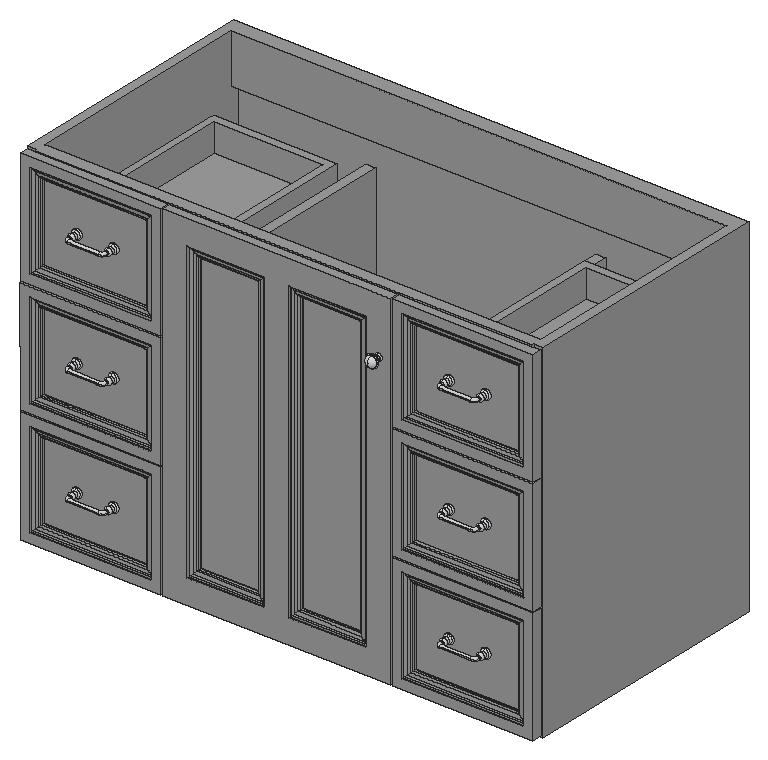
Revit family "Furniture-Vanity-KOHLER-Damask-K-99563", category Casework, host Face, Revit 2020 (continued)
Definition of nested family "K-99563"
  Lines and regions (in)
    Masking region 4, visible <- "LG"
      outline origin (0, 0, 0) x (1, 0, 0) y (0, 1, 0)
        loop
          line (-21.375, 10.6875) -> (-21.375, 7.1875) -> (-21.25, 7.1875) -> (-21.25, -7.1875) -> (-21.375, -7.1875) -> (-21.375, -10.6875) -> (-17.875, -10.6875) -> (-17.875, -10.5625) -> (17.875, -10.5625) -> (17.875, -10.6875) -> (21.375, -10.6875) -> (21.375, -7.1875) -> (21.25, -7.1875) -> (21.25, 7.1875) -> (21.375, 7.1875) -> (21.375, 10.6875) -> (21, 10.6875) -> (21, -9.4375) -> (20.25, -9.4375) -> (20.25, -9.5625) -> (20.9375, -9.5625) -> (20.9375, -10.3125) -> (9.4375, -10.3125) -> (9.4375, -9.5625) -> (9.31249, -9.5625) -> (9.31249, -10.3125) -> (-9.3125, -10.3125) -> (-9.3125, -9.5625) -> (-9.4375, -9.5625) -> (-9.4375, -10.3125) -> (-20.9375, -10.3125) -> (-20.9375, -9.5625) -> (-20.25, -9.5625) -> (-20.25, -9.4375) -> (-21, -9.4375) -> (-21, 10.6875) -> (-21.375, 10.6875)
    Masking region 5, visible <- "LG"
      outline origin (0, 0, 0) x (1, 0, 0) y (0, 0, 1)
        loop
          arc (-21.375, 3.79115) -> (-21.06731, 3.63512) -> (-20.75, 3.49971) r 5.22788
          line (-20.75, 3.49971) -> (-20.75, 3.31268)
          arc (-20.75, 3.31268) -> (-21.00974, 3.25092) -> (-21.21833, 3.08426) r 0.61083
          arc (-21.21833, 3.08426) -> (-21.34054, 2.8579) -> (-21.37448, 2.6029) r 0.71319
          arc (-21.37448, 2.6029) -> (-21.30001, 2.21334) -> (-21.12088, 1.85949) r 1.42239
          arc (-21.12088, 1.85949) -> (-20.86485, 1.36099) -> (-20.74999, 0.81249) r 2.09689
          arc (-20.74999, 0.81249) -> (-20.79204, 0.80714) -> (-20.83142, 0.79144) r 0.16796
          arc (-20.83142, 0.79144) -> (-20.89823, 0.73976) -> (-20.94648, 0.67043) r 0.27851
          arc (-20.94648, 0.67043) -> (-21.00051, 0.4375) -> (-20.94648, 0.20456) r 0.52919
          arc (-20.94648, 0.20456) -> (-20.89823, 0.13523) -> (-20.83142, 0.08355) r 0.27851
          arc (-20.83142, 0.08355) -> (-20.79204, 0.06785) -> (-20.74999, 0.0625) r 0.16796
          line (-20.74999, 0.0625) -> (-19.89193, 0.0625)
          arc (-19.89193, 0.0625) -> (-19.87443, 0.01838) -> (-19.83068, 0) r 0.06127
          line (-19.83068, 0) -> (-19.62493, 0) -> (-19.41918, 0)
          arc (-19.41918, 0) -> (-19.37543, 0.01838) -> (-19.35792, 0.0625) r 0.06127
          line (-19.35792, 0.0625) -> (-18.49986, 0.0625)
          arc (-18.49986, 0.0625) -> (-18.45781, 0.06785) -> (-18.41844, 0.08355) r 0.16796
          arc (-18.41844, 0.08355) -> (-18.35163, 0.13523) -> (-18.30338, 0.20456) r 0.27851
          arc (-18.30338, 0.20456) -> (-18.24935, 0.4375) -> (-18.30338, 0.67043) r 0.52919
          arc (-18.30338, 0.67043) -> (-18.35163, 0.73976) -> (-18.41844, 0.79144) r 0.27851
          arc (-18.41844, 0.79144) -> (-18.45781, 0.80714) -> (-18.49986, 0.81249) r 0.16796
          arc (-18.49986, 0.81249) -> (-18.38501, 1.36099) -> (-18.12898, 1.85949) r 2.09689
          arc (-18.12898, 1.85949) -> (-17.94984, 2.21334) -> (-17.87538, 2.6029) r 1.42239
          arc (-17.87538, 2.6029) -> (-17.90932, 2.8579) -> (-18.03153, 3.08426) r 0.71319
          arc (-18.03153, 3.08426) -> (-18.24011, 3.25092) -> (-18.49986, 3.31268) r 0.61083
          line (-18.49986, 3.31268) -> (-18.49986, 3.49971)
          arc (-18.49986, 3.49971) -> (-18.18262, 3.63508) -> (-17.875, 3.79108) r 5.22788
          line (-17.875, 3.79108) -> (-17.875, 5.3125) -> (17.875, 5.3125) -> (17.875, 3.79115)
          arc (17.875, 3.79115) -> (18.18269, 3.63512) -> (18.5, 3.49971) r 5.22788
          line (18.5, 3.49971) -> (18.5, 3.31268)
          arc (18.5, 3.31268) -> (18.24026, 3.25092) -> (18.03167, 3.08426) r 0.61083
          arc (18.03167, 3.08426) -> (17.90946, 2.8579) -> (17.87552, 2.6029) r 0.71319
          arc (17.87552, 2.6029) -> (17.94999, 2.21334) -> (18.12912, 1.85949) r 1.42239
          arc (18.12912, 1.85949) -> (18.38515, 1.36099) -> (18.50001, 0.81249) r 2.09689
          arc (18.50001, 0.81249) -> (18.45796, 0.80714) -> (18.41858, 0.79144) r 0.16796
          arc (18.41858, 0.79144) -> (18.35177, 0.73976) -> (18.30352, 0.67043) r 0.27851
          arc (18.30352, 0.67043) -> (18.24949, 0.4375) -> (18.30352, 0.20456) r 0.52919
          arc (18.30352, 0.20456) -> (18.35177, 0.13523) -> (18.41858, 0.08355) r 0.27851
          arc (18.41858, 0.08355) -> (18.45796, 0.06785) -> (18.50001, 0.0625) r 0.16796
          line (18.50001, 0.0625) -> (19.35807, 0.0625)
          arc (19.35807, 0.0625) -> (19.37557, 0.01838) -> (19.41932, 0) r 0.06127
          line (19.41932, 0) -> (19.62507, 0) -> (19.83082, 0)
          arc (19.83082, 0) -> (19.87457, 0.01838) -> (19.89208, 0.0625) r 0.06127
          line (19.89208, 0.0625) -> (20.75014, 0.0625)
          arc (20.75014, 0.0625) -> (20.79219, 0.06785) -> (20.83156, 0.08355) r 0.16796
          arc (20.83156, 0.08355) -> (20.89837, 0.13523) -> (20.94662, 0.20456) r 0.27851
          arc (20.94662, 0.20456) -> (21.00065, 0.4375) -> (20.94662, 0.67043) r 0.52919
          arc (20.94662, 0.67043) -> (20.89837, 0.73976) -> (20.83156, 0.79144) r 0.27851
          arc (20.83156, 0.79144) -> (20.79219, 0.80714) -> (20.75014, 0.81249) r 0.16796
          arc (20.75014, 0.81249) -> (20.86499, 1.36099) -> (21.12102, 1.85949) r 2.09689
          arc (21.12102, 1.85949) -> (21.30016, 2.21334) -> (21.37462, 2.6029) r 1.42239
          arc (21.37462, 2.6029) -> (21.34068, 2.8579) -> (21.21847, 3.08426) r 0.71319
          arc (21.21847, 3.08426) -> (21.00989, 3.25092) -> (20.75014, 3.31268) r 0.61083
          line (20.75014, 3.31268) -> (20.75014, 3.49971)
          arc (20.75014, 3.49971) -> (21.06738, 3.63508) -> (21.375, 3.79108) r 5.22788
          line (21.375, 3.79108) -> (21.375, 6.0625) -> (-21.375, 6.0625) -> (-21.375, 3.79115)
    Masking region 6, visible <- "LG"
      outline origin (0, 0, 0) x (0, 1, 0) y (0, 0, 1)
        loop
          arc (10.05916, 3.49981) -> (10.3782, 3.63602) -> (10.6875, 3.79309) r 5.22788
          line (10.6875, 3.79309) -> (10.6875, 6.0625) -> (-10.6875, 6.0625) -> (-10.6875, 3.79111)
          arc (-10.6875, 3.79111) -> (-10.37994, 3.63515) -> (-10.06276, 3.49981) r 5.22788
          line (-10.06276, 3.49981) -> (-10.06276, 3.31278)
          arc (-10.06276, 3.31278) -> (-10.32251, 3.25101) -> (-10.5311, 3.08436) r 0.61083
          arc (-10.5311, 3.08436) -> (-10.6533, 2.85799) -> (-10.68724, 2.603) r 0.71319
          arc (-10.68724, 2.603) -> (-10.61278, 2.21344) -> (-10.43364, 1.85958) r 1.42239
          arc (-10.43364, 1.85958) -> (-10.17761, 1.36109) -> (-10.06276, 0.81259) r 2.09689
          arc (-10.06276, 0.81259) -> (-10.10481, 0.80724) -> (-10.14418, 0.79153) r 0.16796
          arc (-10.14418, 0.79153) -> (-10.21099, 0.73986) -> (-10.25924, 0.67053) r 0.27851
          arc (-10.25924, 0.67053) -> (-10.31327, 0.43759) -> (-10.25924, 0.20465) r 0.52919
          arc (-10.25924, 0.20465) -> (-10.21099, 0.13533) -> (-10.14418, 0.08365) r 0.27851
          arc (-10.14418, 0.08365) -> (-10.10481, 0.06795) -> (-10.06276, 0.0626) r 0.16796
          line (-10.06276, 0.0626) -> (-9.2047, 0.0626)
          arc (-9.2047, 0.0626) -> (-9.1872, 0.01848) -> (-9.14344, 0.0001) r 0.06127
          line (-9.14344, 0.0001) -> (-8.93769, 0.0001) -> (-8.73195, 0.0001)
          arc (-8.73195, 0.0001) -> (-8.68819, 0.01848) -> (-8.67069, 0.0626) r 0.06127
          line (-8.67069, 0.0626) -> (-7.81263, 0.0626)
          arc (-7.81263, 0.0626) -> (-7.77058, 0.06795) -> (-7.73121, 0.08365) r 0.16796
          arc (-7.73121, 0.08365) -> (-7.66439, 0.13533) -> (-7.61614, 0.20465) r 0.27851
          arc (-7.61614, 0.20465) -> (-7.56211, 0.43759) -> (-7.61614, 0.67053) r 0.52919
          arc (-7.61614, 0.67053) -> (-7.66439, 0.73986) -> (-7.73121, 0.79153) r 0.27851
          arc (-7.73121, 0.79153) -> (-7.77058, 0.80724) -> (-7.81263, 0.81259) r 0.16796
          arc (-7.81263, 0.81259) -> (-7.69777, 1.36109) -> (-7.44174, 1.85958) r 2.09689
          arc (-7.44174, 1.85958) -> (-7.26261, 2.21344) -> (-7.18814, 2.603) r 1.42239
          arc (-7.18814, 2.603) -> (-7.22208, 2.85799) -> (-7.34429, 3.08436) r 0.71319
          arc (-7.34429, 3.08436) -> (-7.55288, 3.25101) -> (-7.81262, 3.31278) r 0.61083
          line (-7.81262, 3.31278) -> (-7.81262, 3.49981)
          arc (-7.81262, 3.49981) -> (-7.49358, 3.63602) -> (-7.18428, 3.79309) r 5.22788
          line (-7.18428, 3.79309) -> (-7.18428, 5.3125) -> (7.18068, 5.3125) -> (7.18068, 3.79309)
          arc (7.18068, 3.79309) -> (7.48998, 3.63602) -> (7.80902, 3.49981) r 5.22788
          line (7.80902, 3.49981) -> (7.80902, 3.31278)
          arc (7.80902, 3.31278) -> (7.54927, 3.25101) -> (7.34068, 3.08436) r 0.61083
          arc (7.34068, 3.08436) -> (7.21848, 2.85799) -> (7.18454, 2.603) r 0.71319
          arc (7.18454, 2.603) -> (7.259, 2.21344) -> (7.43814, 1.85958) r 1.42239
          arc (7.43814, 1.85958) -> (7.69417, 1.36109) -> (7.80902, 0.81259) r 2.09689
          arc (7.80902, 0.81259) -> (7.76697, 0.80724) -> (7.7276, 0.79153) r 0.16796
          arc (7.7276, 0.79153) -> (7.66079, 0.73986) -> (7.61253, 0.67053) r 0.27851
          arc (7.61253, 0.67053) -> (7.55851, 0.43759) -> (7.61253, 0.20465) r 0.52919
          arc (7.61253, 0.20465) -> (7.66079, 0.13533) -> (7.7276, 0.08365) r 0.27851
          arc (7.7276, 0.08365) -> (7.76697, 0.06795) -> (7.80902, 0.0626) r 0.16796
          line (7.80902, 0.0626) -> (8.66708, 0.0626)
          arc (8.66708, 0.0626) -> (8.68458, 0.01848) -> (8.72834, 0.0001) r 0.06127
          line (8.72834, 0.0001) -> (8.93409, 0.0001) -> (9.13983, 0.0001)
          arc (9.13983, 0.0001) -> (9.18359, 0.01848) -> (9.20109, 0.0626) r 0.06127
          line (9.20109, 0.0626) -> (10.05915, 0.0626)
          arc (10.05915, 0.0626) -> (10.1012, 0.06795) -> (10.14057, 0.08365) r 0.16796
          arc (10.14057, 0.08365) -> (10.20739, 0.13533) -> (10.25564, 0.20465) r 0.27851
          arc (10.25564, 0.20465) -> (10.30967, 0.43759) -> (10.25564, 0.67053) r 0.52919
          arc (10.25564, 0.67053) -> (10.20739, 0.73986) -> (10.14057, 0.79153) r 0.27851
          arc (10.14057, 0.79153) -> (10.1012, 0.80724) -> (10.05915, 0.81259) r 0.16796
          arc (10.05915, 0.81259) -> (10.17401, 1.36109) -> (10.43004, 1.85958) r 2.09689
          arc (10.43004, 1.85958) -> (10.60917, 2.21344) -> (10.68364, 2.603) r 1.42239
          arc (10.68364, 2.603) -> (10.6497, 2.85799) -> (10.52749, 3.08436) r 0.71319
          arc (10.52749, 3.08436) -> (10.3189, 3.25101) -> (10.05916, 3.31278) r 0.61083
          line (10.05916, 3.31278) -> (10.05916, 3.49981)
    Masking region 7, visible <- "TK"
      outline origin (0, 0, 0) x (1, 0, 0) y (0, 0, 1)
        loop
          line (21, 6.0625) -> (-21, 6.0625) -> (-21, 0) -> (21, 0) -> (21, 6.0625)
    Masking region 8, visible <- "TK"
      outline origin (0, 0, 0) x (0, 1, 0) y (0, 0, 1)
        loop
          line (11.5625, 0) -> (11.5625, 6.0625) -> (-6.9375, 6.0625) -> (-6.9375, 0) -> (11.5625, 0)
    symbolic lines, detail levels medium+fine
      curve 1: line (21, 11.5625, 0) -> (-21, 11.5625, 0)
      curve 2: line (-21, 11.5625, 0) -> (-21, -9.4375, 0)
      curve 3: line (-21, -9.4375, 0) -> (-20.25, -9.4375, 0)
      curve 4: line (-20.25, -9.4375, 0) -> (-20.25, -9.5625, 0)
      curve 5: line (-20.25, -9.5625, 0) -> (-20.9375, -9.5625, 0)
      curve 6: line (-20.9375, -9.5625, 0) -> (-20.9375, -10.3125, 0)
      curve 7: line (-20.9375, -10.3125, 0) -> (-16.90898, -10.3125, 0)
      curve 8: arc (-16.90898, -10.3125, 0) -> (-16.91666, -10.33225, 0) -> (-16.92556, -10.35148, 0) r 0.34313
      curve 9: arc (-16.92556, -10.35148, 0) -> (-16.92461, -10.46433, 0) -> (-16.83263, -10.52972, 0) r 0.12405
      curve 10: arc (-16.83263, -10.52972, 0) -> (-16.81881, -10.53731, 0) -> (-16.81332, -10.55208, 0) r 0.02259
      curve 11: line (-16.81332, -10.55208, 0) -> (-16.81332, -10.71447, 0)
      curve 12: arc (-16.81332, -10.71447, 0) -> (-16.71136, -10.96061, 0) -> (-16.46522, -11.06256, 0) r 0.3481
      curve 13: line (-16.46522, -11.06256, 0) -> (-13.90882, -11.06256, 0)
      curve 14: arc (-13.90882, -11.06256, 0) -> (-13.6645, -10.96136, 0) -> (-13.5633, -10.71704, 0) r 0.34552
      curve 15: line (-13.5633, -10.71704, 0) -> (-13.5633, -10.55208, 0)
      curve 16: arc (-13.5633, -10.55208, 0) -> (-13.55781, -10.53731, 0) -> (-13.54399, -10.52972, 0) r 0.02259
      curve 17: arc (-13.54399, -10.52972, 0) -> (-13.45201, -10.46433, 0) -> (-13.45106, -10.35148, 0) r 0.12405
      curve 18: arc (-13.45106, -10.35148, 0) -> (-13.45995, -10.33225, 0) -> (-13.46764, -10.3125, 0) r 0.34313
      curve 19: line (-13.46764, -10.3125, 0) -> (-9.4375, -10.3125, 0)
      curve 20: line (-9.4375, -10.3125, 0) -> (-9.4375, -9.5625, 0)
      curve 21: line (-9.4375, -9.5625, 0) -> (-9.3125, -9.5625, 0)
      curve 22: line (-9.3125, -9.5625, 0) -> (-9.3125, -10.3125, 0)
      curve 23: line (-9.3125, -10.3125, 0) -> (8.0467, -10.3125, 0)
      curve 24: arc (8.0467, -10.3125, 0) -> (8.06718, -10.38658, 0) -> (8.12477, -10.43748, 0) r 0.135
      curve 25: line (8.12477, -10.43748, 0) -> (8.12477, -10.49996, 0)
      curve 26: arc (8.12477, -10.49996, 0) -> (8.06059, -10.52581, 0) -> (8.03121, -10.58846, 0) r 0.09453
      curve 27: line (8.03121, -10.58846, 0) -> (8.02307, -10.71594, 0)
      curve 28: arc (8.02307, -10.71594, 0) -> (7.98181, -10.82981, 0) -> (7.88579, -10.90362, 0) r 0.21622
      curve 29: arc (8.73889, -10.90362, 0) -> (8.64287, -10.82981, 0) -> (8.6016, -10.71594, 0) r 0.21622
      curve 30: line (8.6016, -10.71594, 0) -> (8.59346, -10.58846, 0)
      curve 31: arc (8.59346, -10.58846, 0) -> (8.56409, -10.52581, 0) -> (8.49991, -10.49996, 0) r 0.09453
      curve 32: line (8.49991, -10.49996, 0) -> (8.49991, -10.43748, 0)
      curve 33: arc (8.49991, -10.43748, 0) -> (8.5575, -10.38658, 0) -> (8.57797, -10.3125, 0) r 0.135
      curve 34: line (8.57797, -10.3125, 0) -> (9.31249, -10.3125, 0)
      curve 35: line (9.31249, -10.3125, 0) -> (9.31249, -9.5625, 0)
      curve 36: line (9.31249, -9.5625, 0) -> (9.4375, -9.5625, 0)
      curve 37: line (9.4375, -9.5625, 0) -> (9.4375, -10.3125, 0)
      curve 38: line (9.4375, -10.3125, 0) -> (13.46627, -10.3125, 0)
      curve 39: arc (13.46627, -10.3125, 0) -> (13.45859, -10.33225, 0) -> (13.44969, -10.35148, 0) r 0.34313
      curve 40: arc (13.44969, -10.35148, 0) -> (13.45064, -10.46433, 0) -> (13.54262, -10.52972, 0) r 0.12405
      curve 41: arc (13.54262, -10.52972, 0) -> (13.55644, -10.53731, 0) -> (13.56193, -10.55208, 0) r 0.02259
      curve 42: line (13.56193, -10.55208, 0) -> (13.56193, -10.71305, 0)
      curve 43: arc (13.56193, -10.71305, 0) -> (13.66415, -10.95981, 0) -> (13.91091, -11.06202, 0) r 0.34897
      curve 44: line (13.91091, -11.06202, 0) -> (16.46097, -11.06202, 0)
      curve 45: arc (16.46097, -11.06202, 0) -> (16.70915, -10.95922, 0) -> (16.81195, -10.71104, 0) r 0.35098
      curve 46: line (16.81195, -10.71104, 0) -> (16.81195, -10.55208, 0)
      curve 47: arc (16.81195, -10.55208, 0) -> (16.81744, -10.53731, 0) -> (16.83126, -10.52972, 0) r 0.02259
      curve 48: arc (16.83126, -10.52972, 0) -> (16.92324, -10.46433, 0) -> (16.92419, -10.35148, 0) r 0.12405
      curve 49: arc (16.92419, -10.35148, 0) -> (16.9153, -10.33225, 0) -> (16.90761, -10.3125, 0) r 0.34313
      curve 50: line (16.90761, -10.3125, 0) -> (20.9375, -10.3125, 0)
      curve 51: line (20.9375, -10.3125, 0) -> (20.9375, -9.5625, 0)
      curve 52: line (20.9375, -9.5625, 0) -> (20.25, -9.5625, 0)
      curve 53: line (20.25, -9.5625, 0) -> (20.25, -9.4375, 0)
      curve 54: line (20.25, -9.4375, 0) -> (21, -9.4375, 0)
      curve 55: line (21, -9.4375, 0) -> (21, 11.5625, 0)
      curve 56: line (-20.25, 10.3125, 0) -> (20.25, 10.3125, 0)
      curve 57: line (20.25, 10.3125, 0) -> (20.25, -8.6875, 0)
      curve 58: line (20.25, 8.4375, 0) -> (10.125, 8.4375, 0)
      curve 59: line (10.75, 7.8125, 0) -> (19.625, 7.8125, 0)
      curve 60: line (9.75, -8.6875, 0) -> (9.75, 10.3125, 0)
      curve 61: line (9, 10.3125, 0) -> (9, -8.6875, 0)
      curve 62: line (10.125, 8.4375, 0) -> (10.125, -8.6875, 0)
      curve 63: line (10.75, -8.6875, 0) -> (10.75, 7.8125, 0)
      curve 64: line (19.625, 7.8125, 0) -> (19.625, -8.6875, 0)
      curve 65: line (-20.25, -8.6875, 0) -> (-20.25, 10.3125, 0)
      curve 66: line (-9.74998, 10.3125, 0) -> (-9.74998, -8.6875, 0)
      curve 67: line (-8.99997, -8.6875, 0) -> (-8.99997, 10.3125, 0)
      curve 68: line (-10.75, 7.8125, 0) -> (-10.75, -8.6875, 0)
      curve 69: line (-10.125, -8.6875, 0) -> (-10.125, 8.4375, 0)
      curve 70: line (-19.625, 7.8125, 0) -> (-10.75, 7.8125, 0)
      curve 71: line (-10.125, 8.4375, 0) -> (-20.25, 8.4375, 0)
      curve 72: line (-19.625, -8.6875, 0) -> (-19.625, 7.8125, 0)
      curve 73: line (-20.25, -9.5625, 0) -> (20.25, -9.5625, 0)
      curve 74: line (-16.5625, -10.59119, 0) -> (-16.6875, -10.59119, 0)
      curve 75: line (-16.6875, -10.59119, 0) -> (-16.81251, -10.59119, 0)
      curve 76: line (-13.68753, -10.59119, 0) -> (-13.81254, -10.59119, 0)
      curve 77: line (-13.56252, -10.59119, 0) -> (-13.68753, -10.59119, 0)
      curve 78: line (13.56193, -10.59072, 0) -> (13.81106, -10.59072, 0)
      curve 79: line (16.56102, -10.59072, 0) -> (16.81195, -10.59072, 0)
      curve 80: line (7.88268, -11.06293, 0) -> (8.74199, -11.06293, 0)
      curve 81: line (7.88579, -10.90362, 0) -> (8.73889, -10.90362, 0)
      curve 82: line (8.12477, -10.49996, 0) -> (8.49991, -10.49996, 0)
      curve 83: line (8.12477, -10.43748, 0) -> (8.49991, -10.43748, 0)
      curve 84: line (8.0467, -10.3125, 0) -> (8.57797, -10.3125, 0)
      curve 85: line (13.46627, -10.3125, 0) -> (13.90761, -10.3125, 0)
      curve 86: line (16.46627, -10.3125, 0) -> (16.90761, -10.3125, 0)
      curve 87: line (-16.90898, -10.3125, 0) -> (-16.46764, -10.3125, 0)
      curve 88: line (-13.90898, -10.3125, 0) -> (-13.46764, -10.3125, 0)
      curve 89: line (20.25, -8.6875, 0) -> (-20.25, -8.6875, 0)
      curve 90: line (-8.99997, -7.4375, 0) -> (-9.74998, -7.4375, 0)
      curve 91: line (9.75, -7.4375, 0) -> (9, -7.4375, 0)
      curve 92: line (-21, 0, 34.5) -> (-21, 0, 6.0625)
      curve 93: line (-21, 0, 6.0625) -> (21, 0, 6.0625)
      curve 94: line (21, 0, 6.0625) -> (21, 0, 34.5)
      curve 95: line (-9.4375, 0, 34.4375) -> (-20.9375, 0, 34.4375)
      curve 96: line (-20.9375, 0, 34.4375) -> (-20.9375, 0, 25.10417)
      curve 97: line (9.31249, 0, 34.4375) -> (-9.3125, 0, 34.4375)
      curve 98: line (20.9375, 0, 34.4375) -> (9.4375, 0, 34.4375)
      curve 99: line (9.31249, 0, 6.1875) -> (9.31249, 0, 34.4375)
      curve 100: line (9.4375, 0, 34.4375) -> (9.4375, 0, 25.10417)
      curve 101: line (-9.4375, 0, 25.10417) -> (-9.4375, 0, 34.4375)
      curve 102: line (-9.3125, 0, 34.4375) -> (-9.3125, 0, 6.1875)
      curve 103: line (20.9375, 0, 25.10417) -> (20.9375, 0, 34.4375)
      curve 104: line (20.937, 0, 15.64583) -> (20.937, 0, 24.97917)
      curve 105: line (9.4375, 0, 25.10417) -> (20.9375, 0, 25.10417)
      curve 106: line (20.937, 0, 24.97917) -> (9.437, 0, 24.97917)
      curve 107: line (20.937, 0, 6.1875) -> (20.937, 0, 15.52083)
      curve 108: line (9.437, 0, 15.64583) -> (20.937, 0, 15.64583)
      curve 109: line (20.937, 0, 15.52083) -> (9.437, 0, 15.52083)
      curve 110: line (-9.3125, 0, 6.1875) -> (9.31249, 0, 6.1875)
      curve 111: line (9.437, 0, 6.1875) -> (20.937, 0, 6.1875)
      curve 112: line (-20.9375, 0, 6.1875) -> (-9.4375, 0, 6.1875)
      curve 113: line (-20.9375, 0, 15.52083) -> (-20.9375, 0, 6.1875)
      curve 114: line (-20.9375, 0, 24.97917) -> (-20.9375, 0, 15.64583)
      curve 115: line (-9.4375, 0, 24.97917) -> (-20.9375, 0, 24.97917)
      curve 116: line (-20.9375, 0, 25.10417) -> (-9.4375, 0, 25.10417)
      curve 117: line (-9.4375, 0, 15.52083) -> (-20.9375, 0, 15.52083)
      curve 118: line (-20.9375, 0, 15.64583) -> (-9.4375, 0, 15.64583)
      curve 119: line (-19.4375, 0, 32.9375) -> (-10.9375, 0, 32.9375)
      curve 120: line (-20.06245, 0, 33.56245) -> (-10.31255, 0, 33.56245)
      curve 121: line (-20.18745, 0, 33.68745) -> (-10.18755, 0, 33.68745)
      curve 122: line (-20.18745, 0, 25.85422) -> (-20.18745, 0, 33.68745)
      curve 123: line (-20.06245, 0, 25.97921) -> (-20.06245, 0, 33.56245)
      curve 124: line (-19.4375, 0, 26.60416) -> (-19.4375, 0, 32.9375)
      curve 125: line (-10.9375, 0, 32.9375) -> (-10.9375, 0, 26.60416)
      curve 126: line (-10.31255, 0, 33.56245) -> (-10.31255, 0, 25.97921)
      curve 127: line (-10.18755, 0, 33.68745) -> (-10.18755, 0, 25.85422)
      curve 128: line (-10.18755, 0, 25.85422) -> (-20.18745, 0, 25.85422)
      curve 129: line (-10.31255, 0, 25.97921) -> (-20.06245, 0, 25.97921)
      curve 130: line (-10.9375, 0, 26.60416) -> (-19.4375, 0, 26.60416)
      curve 131: line (-19.4375, 0, 23.47955) -> (-10.9375, 0, 23.47955)
      curve 132: line (-20.06245, 0, 24.1045) -> (-10.31255, 0, 24.1045)
      curve 133: line (-20.18745, 0, 24.22912) -> (-10.18755, 0, 24.22912)
      curve 134: line (-20.18745, 0, 16.39588) -> (-20.18745, 0, 24.22912)
      curve 135: line (-20.06245, 0, 16.52126) -> (-20.06245, 0, 24.1045)
      curve 136: line (-19.4375, 0, 17.14621) -> (-19.4375, 0, 23.47955)
      curve 137: line (-10.9375, 0, 23.47955) -> (-10.9375, 0, 17.14621)
      curve 138: line (-10.18755, 0, 24.22912) -> (-10.18755, 0, 16.39588)
      curve 139: line (-10.31255, 0, 24.1045) -> (-10.31255, 0, 16.52126)
      curve 140: line (-10.18755, 0, 16.39588) -> (-20.18745, 0, 16.39588)
      curve 141: line (-10.31255, 0, 16.52126) -> (-20.06245, 0, 16.52126)
      curve 142: line (-10.9375, 0, 17.14621) -> (-19.4375, 0, 17.14621)
      curve 143: line (-19.4375, 0, 14.02121) -> (-10.9375, 0, 14.02121)
      curve 144: line (-20.06245, 0, 14.64616) -> (-10.31255, 0, 14.64616)
      curve 145: line (-20.18745, 0, 14.77078) -> (-10.18755, 0, 14.77078)
      curve 146: line (-20.06245, 0, 7.06292) -> (-20.06245, 0, 14.64616)
      curve 147: line (-20.18745, 0, 6.93755) -> (-20.18745, 0, 14.77078)
      curve 148: line (-19.4375, 0, 7.68787) -> (-19.4375, 0, 14.02121)
      curve 149: line (-10.9375, 0, 14.02121) -> (-10.9375, 0, 7.68787)
      curve 150: line (-10.31255, 0, 14.64616) -> (-10.31255, 0, 7.06292)
      curve 151: line (-10.18755, 0, 14.77078) -> (-10.18755, 0, 6.93755)
      curve 152: line (-10.18755, 0, 6.93755) -> (-20.18745, 0, 6.93755)
      curve 153: line (-10.31255, 0, 7.06292) -> (-20.06245, 0, 7.06292)
      curve 154: line (-10.9375, 0, 7.68787) -> (-19.4375, 0, 7.68787)
      curve 155: line (-6.56245, 0, 31.6875) -> (-1.74955, 0, 31.6875)
      curve 156: line (-1.1246, 0, 32.31245) -> (-7.1874, 0, 32.31245)
      curve 157: line (-7.3125, 0, 32.4375) -> (-0.99955, 0, 32.4375)
      curve 158: line (-7.1874, 0, 8.31255) -> (-7.1874, 0, 32.31245)
      curve 159: line (-7.3125, 0, 8.1875) -> (-7.3125, 0, 32.4375)
      curve 160: line (-6.56245, 0, 8.9375) -> (-6.56245, 0, 31.6875)
      curve 161: line (-1.74955, 0, 31.6875) -> (-1.74955, 0, 8.9375)
      curve 162: line (-1.1246, 0, 8.31255) -> (-1.1246, 0, 32.31245)
      curve 163: line (-0.99955, 0, 32.4375) -> (-0.99955, 0, 8.1875)
      curve 164: line (-0.99955, 0, 8.1875) -> (-7.3125, 0, 8.1875)
      curve 165: line (-7.1874, 0, 8.31255) -> (-1.1246, 0, 8.31255)
      curve 166: line (-1.74955, 0, 8.9375) -> (-6.56245, 0, 8.9375)
      curve 167: line (6.5634, 0, 8.9375) -> (1.7505, 0, 8.9375)
      curve 168: line (1.12555, 0, 8.31255) -> (7.18835, 0, 8.31255)
      curve 169: line (7.31249, 0, 8.1875) -> (1.00052, 0, 8.1875)
      curve 170: line (1.12555, 0, 8.31255) -> (1.12555, 0, 32.31245)
      curve 171: line (1.00052, 0, 8.1875) -> (1.00052, 0, 32.4375)
      curve 172: line (1.7505, 0, 8.9375) -> (1.7505, 0, 31.6875)
      curve 173: line (6.5634, 0, 31.6875) -> (6.5634, 0, 8.9375)
      curve 174: line (7.18835, 0, 8.31255) -> (7.18835, 0, 32.31245)
      curve 175: line (7.31249, 0, 32.4375) -> (7.31249, 0, 8.1875)
      curve 176: line (1.00052, 0, 32.4375) -> (7.31249, 0, 32.4375)
      curve 177: line (7.18835, 0, 32.31245) -> (1.12555, 0, 32.31245)
      curve 178: line (1.7505, 0, 31.6875) -> (6.5634, 0, 31.6875)
      curve 179: line (10.18755, 0, 33.68745) -> (20.18745, 0, 33.68745)
      curve 180: line (10.31166, 0, 33.56283) -> (20.06156, 0, 33.56283)
      curve 181: line (10.93661, 0, 32.93788) -> (19.43661, 0, 32.93788)
      curve 182: line (10.93661, 0, 26.60454) -> (10.93661, 0, 32.93788)
      curve 183: line (10.31166, 0, 25.97959) -> (10.31166, 0, 33.56283)
      curve 184: line (10.18755, 0, 25.85422) -> (10.18755, 0, 33.68745)
      curve 185: line (20.18745, 0, 33.68745) -> (20.18745, 0, 25.85422)
      curve 186: line (20.06156, 0, 33.56283) -> (20.06156, 0, 25.97959)
      curve 187: line (19.43661, 0, 32.93788) -> (19.43661, 0, 26.60454)
      curve 188: line (20.18745, 0, 25.85422) -> (10.18755, 0, 25.85422)
      curve 189: line (20.06156, 0, 25.97959) -> (10.31166, 0, 25.97959)
      curve 190: line (19.43661, 0, 26.60454) -> (10.93661, 0, 26.60454)
      curve 191: line (10.18705, 0, 24.22912) -> (20.18695, 0, 24.22912)
      curve 192: line (10.31166, 0, 24.1045) -> (20.06156, 0, 24.1045)
      curve 193: line (10.93661, 0, 23.47955) -> (19.43661, 0, 23.47955)
      curve 194: line (10.18705, 0, 16.39588) -> (10.18705, 0, 24.22912)
      curve 195: line (10.31166, 0, 16.52126) -> (10.31166, 0, 24.1045)
      curve 196: line (10.93661, 0, 17.14621) -> (10.93661, 0, 23.47955)
      curve 197: line (19.43661, 0, 23.47955) -> (19.43661, 0, 17.14621)
      curve 198: line (20.06156, 0, 24.1045) -> (20.06156, 0, 16.52126)
      curve 199: line (20.18695, 0, 24.22912) -> (20.18695, 0, 16.39588)
      curve 200: line (20.18695, 0, 16.39588) -> (10.18705, 0, 16.39588)
      curve 201: line (20.06156, 0, 16.52126) -> (10.31166, 0, 16.52126)
      curve 202: line (19.43661, 0, 17.14621) -> (10.93661, 0, 17.14621)
      curve 203: line (10.18705, 0, 14.77078) -> (20.18695, 0, 14.77078)
      curve 204: line (10.31166, 0, 14.64616) -> (20.06156, 0, 14.64616)
      curve 205: line (10.93661, 0, 14.02121) -> (19.43661, 0, 14.02121)
      curve 206: line (19.43661, 0, 7.68787) -> (10.93661, 0, 7.68787)
      curve 207: line (20.06156, 0, 7.06292) -> (10.31166, 0, 7.06292)
      curve 208: line (20.18695, 0, 6.93755) -> (10.18705, 0, 6.93755)
      curve 209: line (10.31166, 0, 7.06292) -> (10.31166, 0, 14.64616)
      curve 210: line (10.18705, 0, 6.93755) -> (10.18705, 0, 14.77078)
      curve 211: line (10.93661, 0, 7.68787) -> (10.93661, 0, 14.02121)
      curve 212: line (19.43661, 0, 14.02121) -> (19.43661, 0, 7.68787)
      curve 213: line (20.18695, 0, 14.77078) -> (20.18695, 0, 6.93755)
      curve 214: line (20.06156, 0, 14.64616) -> (20.06156, 0, 7.06292)
      curve 215: line (10.93661, 0, 14.02121) -> (10.31166, 0, 14.64616)
      curve 216: line (19.43661, 0, 14.02121) -> (20.06156, 0, 14.64616)
      curve 217: line (19.43661, 0, 7.68787) -> (20.06156, 0, 7.06292)
      curve 218: line (10.93661, 0, 7.68787) -> (10.31166, 0, 7.06292)
      curve 219: line (19.43661, 0, 17.14621) -> (20.06156, 0, 16.52126)
      curve 220: line (10.93661, 0, 17.14621) -> (10.31166, 0, 16.52126)
      curve 221: line (19.43661, 0, 23.47955) -> (20.06156, 0, 24.1045)
      curve 222: line (10.93661, 0, 23.47955) -> (10.31166, 0, 24.1045)
      curve 223: line (10.93661, 0, 26.60454) -> (10.31166, 0, 25.97959)
      curve 224: line (19.43661, 0, 26.60454) -> (20.06156, 0, 25.97959)
      curve 225: line (19.43661, 0, 32.93788) -> (20.06156, 0, 33.56283)
      curve 226: line (10.93661, 0, 32.93788) -> (10.31166, 0, 33.56283)
      curve 227: line (6.5634, 0, 31.6875) -> (7.18835, 0, 32.31245)
      curve 228: line (1.7505, 0, 31.6875) -> (1.12555, 0, 32.31245)
      curve 229: line (1.7505, 0, 8.9375) -> (1.12555, 0, 8.31255)
      curve 230: line (6.5634, 0, 8.9375) -> (7.18835, 0, 8.31255)
      curve 231: line (-6.56245, 0, 8.9375) -> (-7.1874, 0, 8.31255)
      curve 232: line (-1.74955, 0, 8.9375) -> (-1.1246, 0, 8.31255)
      curve 233: line (-1.74955, 0, 31.6875) -> (-1.1246, 0, 32.31245)
      curve 234: line (-6.56245, 0, 31.6875) -> (-7.1874, 0, 32.31245)
      curve 235: line (-10.9375, 0, 32.9375) -> (-10.31255, 0, 33.56245)
      curve 236: line (-19.4375, 0, 32.9375) -> (-20.06245, 0, 33.56245)
      curve 237: line (-19.4375, 0, 26.60416) -> (-20.06245, 0, 25.97921)
      curve 238: line (-10.9375, 0, 26.60416) -> (-10.31255, 0, 25.97921)
      curve 239: line (-19.4375, 0, 23.47955) -> (-20.06245, 0, 24.1045)
      curve 240: line (-10.9375, 0, 23.47955) -> (-10.31255, 0, 24.1045)
      curve 241: line (-19.4375, 0, 17.14621) -> (-20.06245, 0, 16.52126)
      curve 242: line (-10.9375, 0, 17.14621) -> (-10.31255, 0, 16.52126)
      curve 243: line (-19.4375, 0, 14.02121) -> (-20.06245, 0, 14.64616)
      curve 244: line (-10.9375, 0, 14.02121) -> (-10.31255, 0, 14.64616)
      curve 245: line (-19.4375, 0, 7.68787) -> (-20.06245, 0, 7.06292)
      curve 246: line (-10.9375, 0, 7.68787) -> (-10.31255, 0, 7.06292)
      curve 247: line (-9.4375, 0, 15.64583) -> (-9.4375, 0, 24.97917)
      curve 248: line (-9.4375, 0, 6.1875) -> (-9.4375, 0, 15.52083)
      curve 249: line (9.437, 0, 24.97917) -> (9.437, 0, 15.64583)
      curve 250: line (9.437, 0, 15.52083) -> (9.437, 0, 6.1875)
      curve 251: line (9.31249, 0, 6.8125) -> (9.437, 0, 6.8125)
      curve 252: line (-9.4375, 0, 6.8125) -> (-9.3125, 0, 6.8125)
      curve 253: line (-20.25, 0, 25.10417) -> (-20.25, 0, 24.97917)
      curve 254: line (-19.875, 0, 25.10417) -> (-19.875, 0, 24.97917)
      curve 255: line (-19.625, 0, 25.10417) -> (-19.625, 0, 24.97917)
      curve 256: line (-10.75, 0, 25.10417) -> (-10.75, 0, 24.97917)
      curve 257: line (-10.3125, 0, 25.10417) -> (-10.3125, 0, 24.97917)
      curve 258: line (-10.125, 0, 25.10417) -> (-10.125, 0, 24.97917)
      curve 259: line (-9.74998, 0, 25.10417) -> (-9.74998, 0, 24.97917)
      curve 260: line (-20.25, 0, 15.64583) -> (-20.25, 0, 15.52083)
      curve 261: line (-19.875, 0, 15.64583) -> (-19.875, 0, 15.52083)
      curve 262: line (-19.625, 0, 15.64583) -> (-19.625, 0, 15.52083)
      curve 263: line (-10.75, 0, 15.64583) -> (-10.75, 0, 15.52083)
      curve 264: line (-10.3125, 0, 15.64583) -> (-10.3125, 0, 15.52083)
      curve 265: line (-10.125, 0, 15.64583) -> (-10.125, 0, 15.52083)
      curve 266: line (-9.74998, 0, 15.64583) -> (-9.74998, 0, 15.52083)
      curve 267: line (9.75, 0, 25.10417) -> (9.75, 0, 24.97917)
      curve 268: line (10.125, 0, 25.10417) -> (10.125, 0, 24.97917)
      curve 269: line (10.5, 0, 25.10417) -> (10.5, 0, 24.97917)
      curve 270: line (10.75, 0, 25.10417) -> (10.75, 0, 24.97917)
      curve 271: line (19.625, 0, 25.10417) -> (19.625, 0, 24.97917)
      curve 272: line (20.062, 0, 25.10417) -> (20.062, 0, 24.97917)
      curve 273: line (20.25, 0, 25.10417) -> (20.25, 0, 24.97917)
      curve 274: line (20.25, 0, 15.64583) -> (20.25, 0, 15.52083)
      curve 275: line (20.062, 0, 15.64583) -> (20.062, 0, 15.52083)
      curve 276: line (19.625, 0, 15.64583) -> (19.625, 0, 15.52083)
      curve 277: line (9.75, 0, 15.64583) -> (9.75, 0, 15.52083)
      curve 278: line (10.125, 0, 15.64583) -> (10.125, 0, 15.52083)
      curve 279: line (10.5, 0, 15.64583) -> (10.5, 0, 15.52083)
      curve 280: line (10.75, 0, 15.64583) -> (10.75, 0, 15.52083)
      curve 281: line (-20.25, 0, 6.1875) -> (-20.25, 0, 6.0625)
      curve 282: line (20.25, 0, 6.1875) -> (20.25, 0, 6.0625)
      curve 283: line (20.25, 0, 34.4375) -> (20.25, 0, 34.5)
      curve 284: line (-20.25, 0, 34.4375) -> (-20.25, 0, 34.5)
      curve 285: arc (-16.32808, 0, 29.93752) -> (-17.06805, 0, 29.81252) -> (-16.32808, 0, 29.68751) r 0.38054
      curve 286: arc (-16.471, 0, 29.93752) -> (-16.9375, 0, 29.81252) -> (-16.471, 0, 29.68751) r 0.25
      curve 287: arc (-16.6875, 0, 29.68751) -> (-16.81251, 0, 29.81252) -> (-16.6875, 0, 29.93752) r 0.12501
      curve 288: line (-16.6875, 0, 29.93752) -> (-13.68753, 0, 29.93752)
      curve 289: line (-16.6875, 0, 29.68751) -> (-13.68753, 0, 29.68751)
      curve 290: arc (-14.04696, 0, 29.93752) -> (-13.30699, 0, 29.81252) -> (-14.04696, 0, 29.68751) r 0.38054
      curve 291: arc (-13.90403, 0, 29.93752) -> (-13.43753, 0, 29.81252) -> (-13.90403, 0, 29.68751) r 0.25
      curve 292: arc (-13.68753, 0, 29.68751) -> (-13.56252, 0, 29.81252) -> (-13.68753, 0, 29.93752) r 0.12501
      curve 293: arc (-16.32808, 0, 20.47919) -> (-17.06805, 0, 20.35419) -> (-16.32808, 0, 20.22918) r 0.38054
      curve 294: arc (-16.471, 0, 20.47919) -> (-16.9375, 0, 20.35419) -> (-16.471, 0, 20.22918) r 0.25
      curve 295: arc (-16.6875, 0, 20.22918) -> (-16.81251, 0, 20.35419) -> (-16.6875, 0, 20.47919) r 0.12501
      curve 296: line (-16.6875, 0, 20.47919) -> (-13.68753, 0, 20.47919)
      curve 297: line (-16.6875, 0, 20.22918) -> (-13.68753, 0, 20.22918)
      curve 298: arc (-14.04696, 0, 20.47919) -> (-13.30699, 0, 20.35419) -> (-14.04696, 0, 20.22918) r 0.38054
      curve 299: arc (-13.90403, 0, 20.47919) -> (-13.43753, 0, 20.35419) -> (-13.90403, 0, 20.22918) r 0.25
      curve 300: arc (-13.68753, 0, 20.22918) -> (-13.56252, 0, 20.35419) -> (-13.68753, 0, 20.47919) r 0.12501
      curve 301: arc (-16.32808, 0, 11.02083) -> (-17.06805, 0, 10.89583) -> (-16.32808, 0, 10.77082) r 0.38054
      curve 302: arc (-16.471, 0, 11.02083) -> (-16.9375, 0, 10.89583) -> (-16.471, 0, 10.77082) r 0.25
      curve 303: arc (-16.6875, 0, 10.77082) -> (-16.81251, 0, 10.89583) -> (-16.6875, 0, 11.02083) r 0.12501
      curve 304: line (-16.6875, 0, 11.02083) -> (-13.68753, 0, 11.02083)
      curve 305: line (-16.6875, 0, 10.77082) -> (-13.68753, 0, 10.77082)
      curve 306: arc (-14.04696, 0, 11.02083) -> (-13.30699, 0, 10.89583) -> (-14.04696, 0, 10.77082) r 0.38054
      curve 307: arc (-13.90403, 0, 11.02083) -> (-13.43753, 0, 10.89583) -> (-13.90403, 0, 10.77082) r 0.25
      curve 308: arc (-13.68753, 0, 10.77082) -> (-13.56252, 0, 10.89583) -> (-13.68753, 0, 11.02083) r 0.12501
      curve 309: arc (16.32808, 0, 29.93752) -> (17.06805, 0, 29.81252) -> (16.32808, 0, 29.68751) r 0.38054
      curve 310: arc (16.471, 0, 29.93752) -> (16.9375, 0, 29.81252) -> (16.471, 0, 29.68751) r 0.25
      curve 311: arc (16.6875, 0, 29.68751) -> (16.81251, 0, 29.81252) -> (16.6875, 0, 29.93752) r 0.12501
      curve 312: line (16.6875, 0, 29.93752) -> (13.68753, 0, 29.93752)
      curve 313: line (16.6875, 0, 29.68751) -> (13.68753, 0, 29.68751)
      curve 314: arc (14.04696, 0, 29.93752) -> (13.30699, 0, 29.81252) -> (14.04696, 0, 29.68751) r 0.38054
      curve 315: arc (13.90403, 0, 29.93752) -> (13.43753, 0, 29.81252) -> (13.90403, 0, 29.68751) r 0.25
      curve 316: arc (13.68753, 0, 29.68751) -> (13.56252, 0, 29.81252) -> (13.68753, 0, 29.93752) r 0.12501
      curve 317: arc (16.32808, 0, 20.47919) -> (17.06805, 0, 20.35419) -> (16.32808, 0, 20.22918) r 0.38054
      curve 318: arc (16.471, 0, 20.47919) -> (16.9375, 0, 20.35419) -> (16.471, 0, 20.22918) r 0.25
      curve 319: arc (16.6875, 0, 20.22918) -> (16.81251, 0, 20.35419) -> (16.6875, 0, 20.47919) r 0.12501
      curve 320: line (16.6875, 0, 20.47919) -> (13.68753, 0, 20.47919)
      curve 321: line (16.6875, 0, 20.22918) -> (13.68753, 0, 20.22918)
      curve 322: arc (14.04696, 0, 20.47919) -> (13.30699, 0, 20.35419) -> (14.04696, 0, 20.22918) r 0.38054
      curve 323: arc (13.90403, 0, 20.47919) -> (13.43753, 0, 20.35419) -> (13.90403, 0, 20.22918) r 0.25
      curve 324: arc (13.68753, 0, 20.22918) -> (13.56252, 0, 20.35419) -> (13.68753, 0, 20.47919) r 0.12501
      curve 325: arc (16.32808, 0, 11.02083) -> (17.06805, 0, 10.89583) -> (16.32808, 0, 10.77082) r 0.38054
      curve 326: arc (16.471, 0, 11.02083) -> (16.9375, 0, 10.89583) -> (16.471, 0, 10.77082) r 0.25
      curve 327: arc (16.6875, 0, 10.77082) -> (16.81251, 0, 10.89583) -> (16.6875, 0, 11.02083) r 0.12501
      curve 328: line (16.6875, 0, 11.02083) -> (13.68753, 0, 11.02083)
      curve 329: line (16.6875, 0, 10.77082) -> (13.68753, 0, 10.77082)
      curve 330: arc (14.04696, 0, 11.02083) -> (13.30699, 0, 10.89583) -> (14.04696, 0, 10.77082) r 0.38054
      curve 331: arc (13.90403, 0, 11.02083) -> (13.43753, 0, 10.89583) -> (13.90403, 0, 10.77082) r 0.25
      curve 332: arc (13.68753, 0, 10.77082) -> (13.56252, 0, 10.89583) -> (13.68753, 0, 11.02083) r 0.12501
      curve 333: circle (8.31236, 0, 29.8126) r 0.5 normal (0, -1, 0)
      curve 334: circle (8.31236, 0, 29.8126) r 0.42965 normal (0, -1, 0)
      curve 335: line (0, -9.4375, 34.5) -> (0, -9.4375, 6.0625)
      curve 336: line (0, -9.5625, 6.1875) -> (0, -9.5625, 34.4375)
      curve 337: line (0, -10.59119, 10.77082) -> (0, -10.59119, 11.02084)
      curve 338: line (0, -10.59119, 20.22894) -> (0, -10.59119, 20.47895)
      curve 339: line (0, -10.3125, 20.57334) -> (0, -10.3125, 20.13293)
      curve 340: line (0, -10.3125, 11.11622) -> (0, -10.3125, 10.67348)
      curve 341: line (0, -11.06262, 30.28023) -> (0, -11.06262, 29.34497)
      curve 342: line (0, -10.90331, 30.23915) -> (0, -10.90331, 29.93751)
      curve 343: line (0, -10.90331, 29.68751) -> (0, -10.90331, 29.38607)
      curve 344: line (0, -10.59119, 29.93751) -> (0, -10.59119, 29.68751)
      curve 345: line (0, -10.59119, 29.93751) -> (0, -10.90331, 29.93751)
      curve 346: line (0, -10.59119, 29.68751) -> (0, -10.96454, 29.68751)
      curve 347: arc (0, -10.38052, 30.0609) -> (0, -10.44712, 30.05613) -> (0, -10.50132, 30.01714) r 0.12246
      curve 348: arc (0, -10.50118, 29.60881) -> (0, -10.44757, 29.56956) -> (0, -10.38129, 29.56491) r 0.11982
      curve 349: arc (0, -10.50132, 30.01714) -> (0, -10.5186, 29.98953) -> (0, -10.52936, 29.95879) r 0.14632
      curve 350: arc (0, -10.52936, 29.95879) -> (0, -10.53508, 29.94673) -> (0, -10.54535, 29.93822) r 0.03084
      curve 351: arc (0, -10.53049, 29.67295) -> (0, -10.51953, 29.6392) -> (0, -10.50118, 29.60881) r 0.15516
      curve 352: arc (0, -10.55234, 29.68745) -> (0, -10.53841, 29.68473) -> (0, -10.53049, 29.67295) r 0.01854
      curve 353: line (0, -10.54535, 29.93822) -> (0, -10.59169, 29.93822)
      curve 354: line (0, -10.55234, 29.68745) -> (0, -10.59473, 29.68745)
      curve 355: arc (0, -10.90331, 29.93751) -> (0, -11.05893, 29.84312) -> (0, -10.96454, 29.68751) r 0.12869
      curve 356: line (0, -10.31286, 30.07824) -> (0, -10.31286, 29.54696)
      curve 357: line (0, -10.3125, 15.64583) -> (0, -9.5625, 15.64583)
      curve 358: line (0, -9.5625, 15.52083) -> (0, -10.3125, 15.52083)
      curve 359: line (0, -10.3125, 25.10417) -> (0, -9.5625, 25.10417)
      curve 360: line (0, -9.5625, 24.97917) -> (0, -10.3125, 24.97917)
      curve 421: line (0, 11.5625, 6.0625) -> (0, 11.5625, 34.5)
      curve 422: line (0, -10.3125, 34.4375) -> (0, -10.3125, 6.0625)
      curve 423: line (21, 0, 34.5) -> (-21, 0, 34.5)
      curve 424: line (0, 11.5625, 34.5) -> (0, -9.5625, 34.5)
    symbolic lines, visible <- "LG", detail levels medium+fine
      curve 361: line (-17.875, 0, 5.3125) -> (-17.875, 0, 6.0625)
      curve 362: line (-20.75, 0, 3.49971) -> (-18.49986, 0, 3.49971)
      curve 363: line (-20.75, 0, 3.31268) -> (-18.49986, 0, 3.31268)
      curve 364: line (-19.89193, 0, 0.0625) -> (-19.35792, 0, 0.0625)
      curve 365: line (-20.74999, 0, 0.81249) -> (-18.49986, 0, 0.81249)
      curve 366: arc (-17.875, 0, 4.27407) -> (-19.62501, 0, 3.7951) -> (-21.375, 0, 4.27415) r 3.43622
      curve 367: arc (21.375, 0, 4.27407) -> (19.62499, 0, 3.7951) -> (17.875, 0, 4.27415) r 3.43622
      curve 368: line (17.875, 0, 6.0625) -> (17.875, 0, 5.3125)
      curve 369: line (18.5, 0, 3.49971) -> (20.75014, 0, 3.49971)
      curve 370: line (18.5, 0, 3.31268) -> (20.75014, 0, 3.31268)
      curve 371: line (18.50001, 0, 0.81249) -> (20.75014, 0, 0.81249)
      curve 372: line (19.35807, 0, 0.0625) -> (19.89208, 0, 0.0625)
      curve 373: line (0, 7.1875, 3.78924) -> (0, 7.1875, 6.0625)
      curve 374: line (0, 8.93408, 6.0625) -> (0, 10.6875, 6.0625)
      curve 375: line (0, -10.6875, 6.0625) -> (0, 8.93408, 6.0625)
      curve 376: line (0, -7.1875, 6.0625) -> (0, -7.1875, 3.79112)
      curve 377: arc (0, -8.9375, 3.7906) -> (0, -8.03176, 3.91932) -> (0, -7.18781, 4.27244) r 3.59585
      curve 378: arc (0, -10.68719, 4.27244) -> (0, -9.84324, 3.91932) -> (0, -8.9375, 3.7906) r 3.59585
      curve 379: line (0, -8.67069, 0.0626) -> (0, -9.2047, 0.0626)
      curve 380: line (0, -7.81263, 0.81259) -> (0, -10.06276, 0.81259)
      curve 381: line (0, -7.81262, 3.49981) -> (0, -10.06276, 3.49981)
      curve 382: line (0, -7.81262, 3.31278) -> (0, -10.06276, 3.31278)
      curve 383: line (0, 10.05916, 3.49981) -> (0, 7.80902, 3.49981)
      curve 384: line (0, 10.05916, 3.31278) -> (0, 7.80902, 3.31278)
      curve 385: line (0, 10.05915, 0.81259) -> (0, 7.80902, 0.81259)
      curve 386: line (0, 9.20109, 0.0626) -> (0, 8.66708, 0.0626)
      curve 387: arc (0, 8.93432, 3.79056) -> (0, 9.84183, 3.91984) -> (0, 10.68719, 4.27431) r 3.59707
      curve 388: arc (0, 7.18781, 4.27048) -> (0, 8.03034, 3.91872) -> (0, 8.93432, 3.79056) r 3.59466
      curve 390: line (21.375, 0, 6.0625) -> (21.375, 0, 3.79108)
      curve 391: line (19.41932, 0, 0) -> (19.62507, 0, 0)
      curve 392: line (19.62507, 0, 0) -> (19.83082, 0, 0)
      curve 393: arc (19.83082, 0, 0) -> (19.87457, 0, 0.01838) -> (19.89208, 0, 0.0625) r 0.06127
      curve 394: line (19.89208, 0, 0.0625) -> (20.75014, 0, 0.0625)
      curve 395: arc (20.75014, 0, 0.0625) -> (20.79219, 0, 0.06785) -> (20.83156, 0, 0.08355) r 0.16796
      curve 396: arc (20.83156, 0, 0.08355) -> (20.89837, 0, 0.13523) -> (20.94662, 0, 0.20456) r 0.27851
      curve 397: arc (20.94662, 0, 0.20456) -> (21.00065, 0, 0.4375) -> (20.94662, 0, 0.67043) r 0.52919
      curve 398: arc (20.94662, 0, 0.67043) -> (20.89837, 0, 0.73976) -> (20.83156, 0, 0.79144) r 0.27851
      curve 399: arc (20.83156, 0, 0.79144) -> (20.79219, 0, 0.80714) -> (20.75014, 0, 0.81249) r 0.16796
      curve 400: arc (20.75014, 0, 0.81249) -> (20.86499, 0, 1.36099) -> (21.12102, 0, 1.85949) r 2.09689
      curve 401: arc (21.12102, 0, 1.85949) -> (21.30016, 0, 2.21334) -> (21.37462, 0, 2.6029) r 1.42239
      curve 402: arc (21.37462, 0, 2.6029) -> (21.34068, 0, 2.8579) -> (21.21847, 0, 3.08426) r 0.71319
      curve 403: arc (21.21847, 0, 3.08426) -> (21.00989, 0, 3.25092) -> (20.75014, 0, 3.31268) r 0.61083
      curve 404: line (20.75014, 0, 3.31268) -> (20.75014, 0, 3.49971)
      curve 405: arc (20.75014, 0, 3.49971) -> (21.06738, 0, 3.63508) -> (21.375, 0, 3.79108) r 5.22788
      curve 406: arc (-20.83142, 0, 0.08355) -> (-20.79204, 0, 0.06785) -> (-20.74999, 0, 0.0625) r 0.16796
      curve 407: line (17.875, 0, 5.3125) -> (17.875, 0, 3.79115)
      curve 408: arc (17.875, 0, 3.79115) -> (18.18269, 0, 3.63512) -> (18.5, 0, 3.49971) r 5.22788
      curve 409: line (18.5, 0, 3.49971) -> (18.5, 0, 3.31268)
      curve 410: arc (18.5, 0, 3.31268) -> (18.24026, 0, 3.25092) -> (18.03167, 0, 3.08426) r 0.61083
      curve 411: arc (18.03167, 0, 3.08426) -> (17.90946, 0, 2.8579) -> (17.87552, 0, 2.6029) r 0.71319
      curve 412: arc (17.87552, 0, 2.6029) -> (17.94999, 0, 2.21334) -> (18.12912, 0, 1.85949) r 1.42239
      curve 413: arc (18.12912, 0, 1.85949) -> (18.38515, 0, 1.36099) -> (18.50001, 0, 0.81249) r 2.09689
      curve 414: arc (18.50001, 0, 0.81249) -> (18.45796, 0, 0.80714) -> (18.41858, 0, 0.79144) r 0.16796
      curve 415: arc (18.41858, 0, 0.79144) -> (18.35177, 0, 0.73976) -> (18.30352, 0, 0.67043) r 0.27851
      curve 416: arc (18.30352, 0, 0.67043) -> (18.24949, 0, 0.4375) -> (18.30352, 0, 0.20456) r 0.52919
      curve 417: arc (18.30352, 0, 0.20456) -> (18.35177, 0, 0.13523) -> (18.41858, 0, 0.08355) r 0.27851
      curve 418: arc (18.41858, 0, 0.08355) -> (18.45796, 0, 0.06785) -> (18.50001, 0, 0.0625) r 0.16796
      curve 419: line (18.50001, 0, 0.0625) -> (19.35807, 0, 0.0625)
      curve 420: arc (19.35807, 0, 0.0625) -> (19.37557, 0, 0.01838) -> (19.41932, 0, 0) r 0.06127
    symbolic lines, visible <- "TK", detail levels medium+fine
      curve 389: line (0, -6.4375, 0.0625) -> (0, -6.4375, 6.0625)
  Dimensions and locks (in)
    locked: plane 4 to level at 34.5
    aligned and locked: plane 2 to level
    aligned and locked: plane 4 to curve 423
    aligned and locked: plane 5 to cut or joined group of Extrusion 46, Extrusion 47
